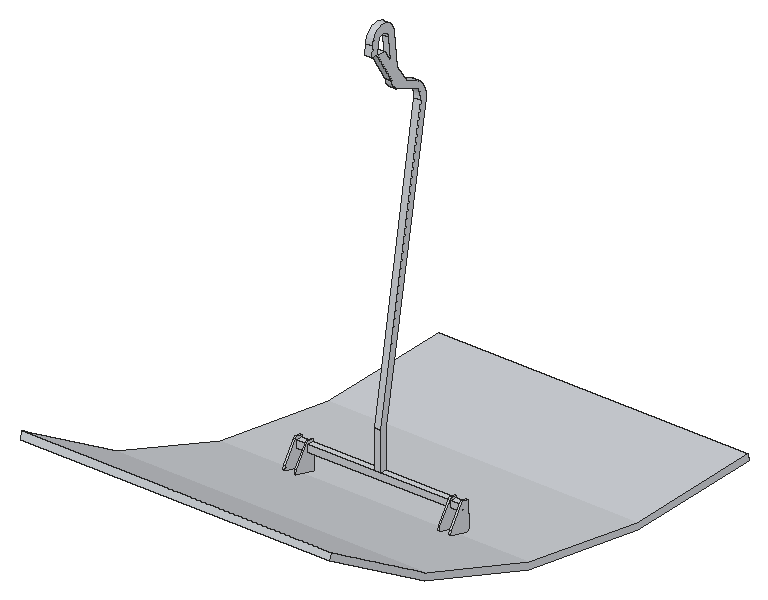
Revit family "7ft Forte Ceiling Panel", category Furniture, Revit 2011
Parameters (values of type "Forte 6' Ceiling")
  URL = "http://www.wengercorp.com/Home/Contact.html"
  Toekick Material [instance] = none
  RH End Panel [instance] = no
  Model = "60"
  Manufacturer = "Wenger Corporation"
  LH End Panel [instance] = no
  End Panel Material [instance] = none
  Edge Banding Material [instance] = none
  Door Material [instance] = none
  Description = "Standard 16' Forte Tower"
  Assembly Code = ""
Reference planes (in)
  plane 1 "Top View 2D location": z = 270
  plane 2: x = 22.64221
  plane 3: x = 46.64221
  plane 4: x = 34.64221
  plane 5: y = 855.02239
  plane 6: z = 199.94228
Forms (in)
  Extrusion 1, solid
    sketch origin (58.64221, 199.98412, 25.17229) x (0, -0.997853, -0.065501) y (0, -0.065501, 0.997853)
      loop
        arc (-626.2759, 149.41058) -> (-663.40384, 128.70641) -> (-705.44013, 122.37419) r 118.99308
        line (-705.44013, 122.37419) -> (-705.38215, 121.37528)
        arc (-705.38215, 121.37528) -> (-663.16034, 127.71864) -> (-625.83311, 148.44536) r 119.98134
        line (-625.83311, 148.44536) -> (-626.2759, 149.41058)
    from 0 to 48
  Extrusion 2, solid
    sketch origin (47.39227, 177.94081, 64.71877) x (0, 1, 0) y (0, 0, 1)
      loop
        line (674.00797, 132.83014) -> (677.38539, 131.92516) -> (677.56163, 132.58292) -> (677.27009, 136.39071) -> (676.32685, 136.64345) -> (674.17486, 133.45299) -> (674.00797, 132.83014)
    from 0 to 0.25
  Extrusion 3, solid
    sketch origin (45.64221, 177.94081, 64.71877) x (0, 1, 0) y (0, 0, 1)
      loop
        line (674.00797, 132.83014) -> (677.38539, 131.92516) -> (677.56163, 132.58292) -> (677.27009, 136.39071) -> (676.32685, 136.64345) -> (674.17486, 133.45299) -> (674.00797, 132.83014)
    from 0 to 0.25
  Extrusion 4, solid
    sketch origin (23.39227, 177.94081, 64.71877) x (0, 1, 0) y (0, 0, 1)
      loop
        line (674.00797, 132.83014) -> (677.38539, 131.92516) -> (677.56163, 132.58292) -> (677.27009, 136.39071) -> (676.32685, 136.64345) -> (674.17486, 133.45299) -> (674.00797, 132.83014)
    from 0 to 0.25
  Extrusion 5, solid
    sketch origin (21.64221, 177.94081, 64.71877) x (0, 1, 0) y (0, 0, 1)
      loop
        line (674.00797, 132.83014) -> (677.38539, 131.92516) -> (677.56163, 132.58292) -> (677.27009, 136.39071) -> (676.32685, 136.64345) -> (674.17486, 133.45299) -> (674.00797, 132.83014)
    from 0 to 0.25
  Extrusion 6, solid
    sketch origin (47.64221, 177.94081, 64.71877) x (0, -1, 0) y (0, 0, 1)
      loop
        line (-676.08984, 136.22351) -> (-677.08984, 136.22351) -> (-677.08984, 135.22351) -> (-676.08984, 135.22351) -> (-676.08984, 136.22351)
    from -0.00006 to 26
  Extrusion 7, solid
    sketch origin (35.14221, 177.94081, 64.71877) x (0, -1, 0) y (0, 0, 1)
      loop
        line (-676.08984, 136.22351) -> (-676.08984, 142.15091) -> (-683.74531, 184.74649)
        arc (-683.74531, 184.74649) -> (-683.52247, 186.04739) -> (-682.53733, 186.92575) r 1.99868
        line (-682.53733, 186.92575) -> (-679.18968, 188.30833)
        arc (-679.18968, 188.30833) -> (-678.51213, 188.86132) -> (-678.25322, 189.69669) r 1.51471
        line (-678.25322, 189.69669) -> (-678.22809, 189.98616) -> (-678.11876, 189.92046) -> (-675.41481, 194.42059) -> (-675.61622, 194.54161) -> (-676.79761, 194.54161) -> (-678.02626, 192.52702) -> (-677.71045, 196.13677)
        arc (-677.71045, 196.13677) -> (-676.60544, 197.16721) -> (-675.46514, 196.17596) r 1.12901
        line (-675.46514, 196.17596) -> (-675.28077, 194.67438) -> (-674.29725, 194.79514) -> (-674.47868, 196.27279)
        arc (-674.47868, 196.27279) -> (-676.48611, 198.40857) -> (-678.68271, 196.46788) r 2.10527
        line (-678.68271, 196.46788) -> (-679.13378, 191.31212) -> (-681.0882, 188.62209) -> (-683.26307, 187.69892) -> (-683.58867, 187.4793) -> (-683.92627, 187.17532) -> (-684.22577, 186.8184) -> (-684.46298, 186.45311) -> (-684.66827, 185.88909) -> (-684.74174, 185.54344) -> (-684.77793, 185.12974) -> (-684.72834, 184.56291) -> (-677.11492, 142.20128) -> (-677.10486, 142.08627) -> (-677.08984, 141.91467) -> (-677.08984, 136.22351) -> (-676.08984, 136.22351)
    from 0 to 1
Dimensions and locks (in)
  equal spacing: plane 2, plane 4, plane 3, locked at 12 each
  Extrusion 1 sketch curve to Extrusion 1 sketch curve = 0' - 1.06193"
  locked: Extrusion 1 sketch curve to Extrusion 1 sketch curve at 1.00059
  Extrusion 1 to Extrusion 5 to Extrusion 4 to Extrusion 7 to Extrusion 7 to Extrusion 3 to Extrusion 2 to Extrusion 1 = 0' - 11 1/4", 0' - 1.75006" locked, 0' - 10.49994" locked, 0' - 1" locked, 0' - 10 1/2" locked, 0' - 1.75006" locked, 0' - 11.24994"
  locked: Extrusion 2 to Extrusion 2 at 0.25
  locked: Extrusion 3 to Extrusion 3 at 0.25
  Extrusion 7 to Extrusion 7 = 0' - 1"
  locked: Extrusion 4 to Extrusion 4 at 0.25
  locked: Extrusion 5 to Extrusion 5 at 0.25
  plane 5 to Extrusion 7 = 0' - 7.69636"
  Extrusion 2 to plane 6 = 0' - 1.41994"
  locked: Extrusion 7 to plane 5 at 0.99174
  locked: Extrusion 6 to plane 6 at 1
  Extrusion 7 to plane 6 = 5' - 3.18732"
  radius of Extrusion 1 sketch curve = 9' - 10.99308"
Automatic sketch dimensions
  Extrusion 2 sketch curve to Extrusion 2 sketch curve = 0' - 0.16689"
  Extrusion 2 sketch curve to plane 1 "Top View 2D location" = 6' - 1.35607"
  Extrusion 2 sketch curve to Extrusion 2 sketch curve = 0' - 0.65775"
  Extrusion 2 sketch curve to Extrusion 2 sketch curve = 0' - 3.80779"
  Extrusion 2 sketch curve to Extrusion 2 sketch curve = 0' - 0.25274"
  Extrusion 3 sketch curve to Extrusion 3 sketch curve = 0' - 0.16689"
  Extrusion 3 sketch curve to plane 1 "Top View 2D location" = 6' - 1.35607"
  Extrusion 3 sketch curve to Extrusion 3 sketch curve = 0' - 0.65775"
  Extrusion 3 sketch curve to Extrusion 3 sketch curve = 0' - 3.80779"
  Extrusion 3 sketch curve to Extrusion 3 sketch curve = 0' - 0.25274"
  Extrusion 4 sketch curve to Extrusion 4 sketch curve = 0' - 0.16689"
  Extrusion 4 sketch curve to plane 1 "Top View 2D location" = 6' - 1.35607"
  Extrusion 4 sketch curve to Extrusion 4 sketch curve = 0' - 0.65775"
  Extrusion 4 sketch curve to Extrusion 4 sketch curve = 0' - 3.80779"
  Extrusion 4 sketch curve to Extrusion 4 sketch curve = 0' - 0.25274"
  Extrusion 5 sketch curve to Extrusion 5 sketch curve = 0' - 0.16689"
  Extrusion 5 sketch curve to plane 1 "Top View 2D location" = 6' - 1.35607"
  Extrusion 5 sketch curve to Extrusion 5 sketch curve = 0' - 0.65775"
  Extrusion 5 sketch curve to Extrusion 5 sketch curve = 0' - 3.80779"
  Extrusion 5 sketch curve to Extrusion 5 sketch curve = 0' - 0.25274"
  Extrusion 6 sketch curve to plane 1 "Top View 2D location" = 5' - 10.05772"
  Extrusion 6 sketch curve to Extrusion 6 sketch curve = 0' - 1"  (x2)
  Extrusion 7 sketch curve to Extrusion 7 sketch curve = 0' - 0.10934"
  Extrusion 7 sketch curve to Extrusion 7 sketch curve = 0' - 0.13446"
  Extrusion 7 sketch curve to Extrusion 7 sketch curve = 0' - 0.97226"
  Extrusion 7 sketch curve to Extrusion 7 sketch curve = 0' - 0.90568"
  Extrusion 7 sketch curve to Extrusion 7 sketch curve = 0' - 0.93646"
  Extrusion 7 sketch curve to Extrusion 7 sketch curve = 0' - 0.5782"
  Extrusion 7 sketch curve to Extrusion 7 sketch curve = 0' - 1 41/128"
  Extrusion 7 sketch curve to Extrusion 7 sketch curve = 0' - 0.68619"
  Extrusion 7 sketch curve to Extrusion 7 sketch curve = 0' - 0.76295"
  Extrusion 7 sketch curve to Extrusion 7 sketch curve = 0' - 0.72574"
  Extrusion 7 sketch curve to Extrusion 7 sketch curve = 0' - 0.3256"
  Extrusion 7 sketch curve to Extrusion 7 sketch curve = 0' - 1.97093"
  Extrusion 7 sketch curve to Extrusion 7 sketch curve = 0' - 0.3376"
  Extrusion 7 sketch curve to Extrusion 7 sketch curve = 0' - 0.29949"
  Extrusion 7 sketch curve to Extrusion 7 sketch curve = 0' - 0.23722"
  Extrusion 7 sketch curve to Extrusion 7 sketch curve = 0' - 0.20529"
  Extrusion 7 sketch curve to Extrusion 7 sketch curve = 0' - 0.98303"
  Extrusion 7 sketch curve to Extrusion 7 sketch curve = 0' - 0.07347"
  Extrusion 7 sketch curve to Extrusion 7 sketch curve = 0' - 0.03619"
  Extrusion 7 sketch curve to Extrusion 7 sketch curve = 0' - 0.00203"
  Extrusion 7 sketch curve to Extrusion 7 sketch curve = 0' - 1.18139"
  Extrusion 7 sketch curve to Extrusion 7 sketch curve = 0' - 1.11856"
  Extrusion 7 sketch curve to Extrusion 7 sketch curve = 0' - 0.20141"
  Extrusion 7 sketch curve to Extrusion 7 sketch curve = 0' - 0.13404"
  Extrusion 7 sketch curve to Extrusion 7 sketch curve = 0' - 0.98645"
  Extrusion 7 sketch curve to Extrusion 7 sketch curve = 0' - 0.98352"
  Extrusion 7 sketch curve to plane 1 "Top View 2D location" = 5' - 9.05772"
  Extrusion 7 sketch curve to Extrusion 7 sketch curve = 0' - 5.69116"
  Extrusion 7 sketch curve to Extrusion 7 sketch curve = 0' - 0.1716"
  Extrusion 7 sketch curve to Extrusion 7 sketch curve = 0' - 0.06464"
  Extrusion 7 sketch curve to Extrusion 7 sketch curve = 0' - 0.11501"
  Extrusion 7 sketch curve to plane 1 "Top View 2D location" = 1' - 8.71832"
  Extrusion 7 sketch curve to Extrusion 7 sketch curve = 0' - 0 47/256"
  Extrusion 7 sketch curve to Extrusion 7 sketch curve = 0' - 0.33192"
  Extrusion 7 sketch curve to Extrusion 7 sketch curve = 0' - 0.56683"
  Extrusion 7 sketch curve to Extrusion 7 sketch curve = 0' - 0.4137"
  Extrusion 7 sketch curve to Extrusion 7 sketch curve = 0' - 0.34565"
  Extrusion 7 sketch curve to Extrusion 7 sketch curve = 0' - 0.56402"
  Extrusion 7 sketch curve to Extrusion 7 sketch curve = 0' - 0.36529"
  Extrusion 7 sketch curve to Extrusion 7 sketch curve = 0' - 0.35692"
  Extrusion 7 sketch curve to Extrusion 7 sketch curve = 0' - 0.30398"
  Extrusion 7 sketch curve to Extrusion 7 sketch curve = 0' - 0.21962"
  Extrusion 7 sketch curve to Extrusion 7 sketch curve = 0' - 1.38258"
  Extrusion 7 sketch curve to Extrusion 7 sketch curve = 0' - 0.31376"
  Extrusion 7 sketch curve to Extrusion 7 sketch curve = 0' - 1.38836"
  Extrusion 7 sketch curve to Extrusion 7 sketch curve = 0' - 0.22378"
  Extrusion 7 sketch curve to Extrusion 7 sketch curve = 0' - 0.0657"
  Extrusion 7 sketch curve to Extrusion 7 sketch curve = 0' - 1.32597"
  Extrusion 7 sketch curve to Extrusion 7 sketch curve = 0' - 1.2149"
  Extrusion 7 sketch curve to Extrusion 7 sketch curve = 0' - 0.25378"
  Extrusion 7 sketch curve to Extrusion 7 sketch curve = 0' - 0.12076"
  Extrusion 7 sketch curve to Extrusion 7 sketch curve = 0' - 0.13759"
  Extrusion 7 sketch curve to Extrusion 7 sketch curve = 0' - 0.26719"
  Extrusion 2 sketch curve to Extrusion 2 sketch curve = 0' - 2.15199"
  Extrusion 2 sketch curve to Extrusion 2 sketch curve = 0' - 0.94324"
  Extrusion 2 sketch curve to Extrusion 2 sketch curve = 0' - 3.37742"
  Extrusion 2 sketch curve to Extrusion 2 sketch curve = 0' - 0.17624"
  Extrusion 3 sketch curve to Extrusion 3 sketch curve = 0' - 2.15199"
  Extrusion 3 sketch curve to Extrusion 3 sketch curve = 0' - 0.94324"
  Extrusion 3 sketch curve to Extrusion 3 sketch curve = 0' - 3.37742"
  Extrusion 3 sketch curve to Extrusion 3 sketch curve = 0' - 0.17624"
  Extrusion 4 sketch curve to Extrusion 4 sketch curve = 0' - 2.15199"
  Extrusion 4 sketch curve to Extrusion 4 sketch curve = 0' - 0.94324"
  Extrusion 4 sketch curve to Extrusion 4 sketch curve = 0' - 3.37742"
  Extrusion 4 sketch curve to Extrusion 4 sketch curve = 0' - 0.17624"
  Extrusion 5 sketch curve to Extrusion 5 sketch curve = 0' - 2.15199"
  Extrusion 5 sketch curve to Extrusion 5 sketch curve = 0' - 0.94324"
  Extrusion 5 sketch curve to Extrusion 5 sketch curve = 0' - 3.37742"
  Extrusion 5 sketch curve to Extrusion 5 sketch curve = 0' - 0.17624"
  Extrusion 7 sketch curve to plane 1 "Top View 2D location" = 0' - 8.81335"
  Extrusion 7 sketch curve to Extrusion 7 sketch curve = 0' - 0.45107"
  Extrusion 7 sketch curve to Extrusion 7 sketch curve = 0' - 1.10752"
  Extrusion 7 sketch curve to Extrusion 7 sketch curve = 0' - 0.01006"
  Extrusion 7 sketch curve to Extrusion 7 sketch curve = 0' - 0.01501"
  Extrusion 7 sketch curve to Extrusion 7 sketch curve = 0' - 0.91284"
  Extrusion 7 sketch curve to Extrusion 7 sketch curve = 0' - 1"
  Extrusion 2 sketch curve to plane 5 = 0' - 3.07361"
  Extrusion 3 sketch curve to plane 5 = 0' - 3.07361"
  Extrusion 4 sketch curve to plane 5 = 0' - 3.07361"
  Extrusion 5 sketch curve to plane 5 = 0' - 3.07361"
  plane 5 to Extrusion 6 sketch curve = 0' - 0.00826"
  plane 5 to Extrusion 7 sketch curve = 0' - 7.69636"
  plane 5 to Extrusion 7 sketch curve = 0' - 0.03334"
  Extrusion 1 sketch curve to plane 6 = 0' - 6.45189"
  plane 5 to Extrusion 1 sketch curve = 3' - 4.87138"
  Extrusion 1 sketch curve to Extrusion 1 sketch curve = 0' - 0.05798"
  Extrusion 1 sketch curve to Extrusion 1 sketch curve = 0' - 3.57842"
  Extrusion 1 sketch curve to Extrusion 1 sketch curve = 0' - 0.04908"
  Extrusion 1 sketch curve to Extrusion 1 sketch curve = 6' - 7.16423"
  Extrusion 1 sketch curve to Extrusion 1 sketch curve = 0' - 0.44279"
Nested families (in)
  nested 1: "Labels" at (34.95498, 810.83, 0), type "7'"
Definition of nested family "Labels"
  Parameters (values of type "Standard")
    Cabinet Label = "01"
  Types (4): name | Cabinet Label
    Standard | "01"
    Narrow | "01N"
    Narrow Acoustic | "01NA"
    Acoustic | "01A"
  Reference planes (in)
    plane 1: y = 0
    plane 2: x = 0
  Text (in)
    label "xxxx" at (-0.00018, 0.00754, 0), shows "Cabinet Label"
